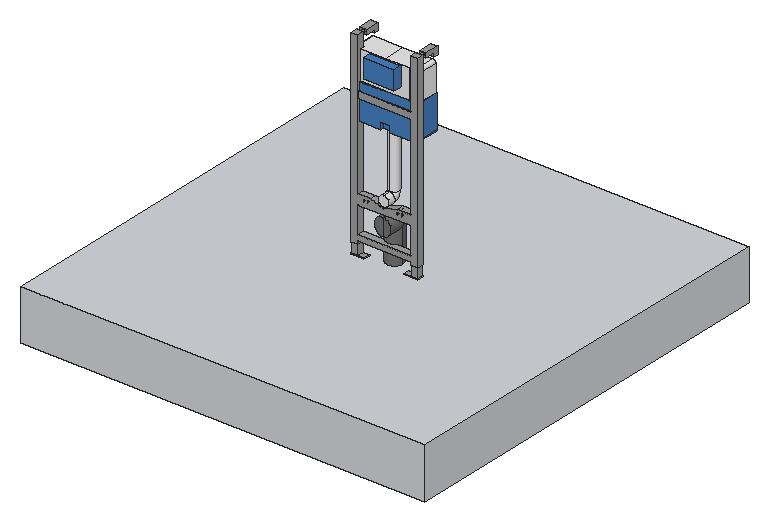
Revit family "IS_Prosys_R0279_BIM_NL", category Plumbing Fixtures, host Face, Revit 2019
Family settings
  Host = Face
  Round Connector Dimension = Use Diameter
  Part Type = Normal
  OmniClass Number = 23.45.05.21.11.11
  OmniClass Title = Water Operated Water Closets
  Cut with Voids When Loaded = No
  Shared = Yes
  Room Calculation Point = No
Parameters (values of type "R027967 - PROSYS 150 FRAME 400 WIDE MECHANICAL")
  Max_Component_Height [instance] = if([Max_Component_Height(0-200mm)] > 200 mm, 200 mm, if([Max_Component_Height(0-200mm)] < 0 mm, 0 mm, [Max_Component_Height(0-200mm)]))  # 65 mm
  WaterEfficientProduct = no
  WarrantyStartDate [instance] = "1900-12-31T23:59:59"
  WarrantyGuarantorParts = Manufacturer  # "https://www.idealstandard.nl/"
  WarrantyGuarantorLabor = "n/a"
  WarrantyDurationUnit = "year"
  WarrantyDurationParts = "5"
  WarrantyDurationLabor = "n/a"
  WarrantyDescription = "Manufacturers Warranty"
  WRAS = no
  WFU = 0
  VolumeUnits = "Litres"
  Version = "1"
  Uniclass2015Version = "V1.20"
  Uniclass2015Title = "WC cistern fittings"
  Uniclass2015Reference = "Pr_40_20_93_87"
  Uniclass2015Description = "WC cistern fittings"
  Uniclass2015Code = "Pr_40_20_93_87"
  Uniclass2 = "Pr_40_20_93_89"
  URL = "www.idealstandard.nl"
  Type Comments = "n/a"
  ToiletType = "Other"
  ToiletPanType = "WashDown"
  TagNumber [instance] = "n/a"
  SustainabilityPerformance = "n/a"
  SpilloverLevel = 0 mm
  Space = "Internal"
  Size = "1130 x 400 x 150 mm"
  Shape = "Regtangular"
  SerialNumber [instance] = "n/a"
  Revision = "n/a"
  ReplacementCost = "n/a"
  ProductInformation = "https://www.idealstandard.nl/producten/catalogus/inbouwspoelreservoirs/toilet-frames"
  Phone = "077 355 08 08"
  PanMounting = "n/a"
  PanMaterial = "n/a"
  PanColor = "n/a"
  NominalWidth = 400 mm
  NominalLength = 150 mm
  NominalHeight = 1130 mm
  NominalDepth = 0 mm
  NettWeight = "9.4Kg"
  Name = "WCCisternFittings_Prossys_R0279_IdealStandard"
  NBSTypeID = "n/a"
  NBSReference = "45-30-70/387"
  NBSOfficeMasterTag = "n/a"
  NBSNote = "n/a"
  NBSDescription = "WC cistern fittings"
  NBSCertification = "n/a"
  ModelReference = Description  # "PROSYS 150 FRAME 400 WIDE MECHANICAL"
  ModelNumber = Model  # "R027967"
  Model = "R027967"
  ManufacturerURL = "www.idealstandard.nl"
  Manufacturer = "https://www.idealstandard.nl/"
  LinearUnits = "millimeters"
  Legs_inside [instance] = yes
  Legs_Outside [instance] = no
  Legs_Backside [instance] = no
  Keynote = "n/a"
  InstallationInstructions = "https://www.idealstandard.nl/producten/catalogus/inbouwspoelreservoirs/toilet-frames"
  InstallationDate [instance] = "1900-12-31T23:59:59"
  IfcExportType = "CISTERN"
  IfcExportAs = "IfcSanitaryTerminalType"
  Help = "https://www.idealstandard.nl/over-ons/contact-service"
  Max_Component_Height(0-200mm) [instance] = 65 mm
  HWFU = 0
  GrossWeight = "n/a"
  Grade = "n/a"
  Flush_Distance(10-90mm) [instance] = 50 mm
  Finish = "Metal"
  Features = "150 FRAME 400 WIDE MECHANICAL"
  FRAME_Material [instance] = FRAME_metal_crome
  ExpectedLife = "30"
  ECA = no
  DurationUnit = "year"
  DistributedBy = "n/a"
  Description = "PROSYS 150 FRAME 400 WIDE MECHANICAL"
  Default Elevation = 0 mm
  CurrencyUnit = "n/a"
  CreatedOn = "2019-12-08"
  Cost = 0
  Constituents = "n/a"
  ConnectionType = "Plumbing"
  CodePerformance = "n/a"
  Category = "n/a"
  CWFU = 0
  Brand = "Ideal Standrad"
  BarCode = "3391500582675"
  BREEAMApproved = no
  BIMObjectName = "IS_IdealStandard_WCcisternfittings_Prosys_R0279"
  Author = "Ideal Standard"
  AssetType = "Fixed"
  AssetIdentifier [instance] = "n/a"
  Assembly Code = "C1030200"
  AreaUnits = "millimeters"
  AreaMeasurement = "n/a"
  Accessories = "https://www.idealstandard.nl/producten/collecties/prosys"
  AccessibilityPerformance = "n/a"
Reference planes
  plane 1 "Center (Front/Back)": y = 0
  plane 2: z = 0
  plane 3 "Center (Left/Right)": x = 0
  plane 4: y = 0
  plane 5: z = 0
  plane 6: z = 65
  plane 7: z = 218.591
  plane 8: z = 400
  plane 9: z = 151.013
  plane 10: z = 220.189
Forms (mm)
  Extrusion 1, solid
    sketch origin (0, 0, 0) x (1, 0, 0) y (0, 1, 0)
      loop
        line (-1219.2, 1219.2) -> (-1219.2, -1219.2) -> (1219.2, -1219.2) -> (1219.2, 1219.2) -> (-1219.2, 1219.2)
    from 0 to -304.8
  Extrusion 2, solid, material "FRAME_metal_crome" <- "FRAME_Material"
    sketch origin (-3.933, 85.042, 0) x (1, 0, 0) y (0, 0, 1)
      loop
        line (166.433, 3.591) -> (201.433, 3.591) -> (201.433, 65) -> (166.433, 65) -> (166.433, 3.591)
      loop
        line (-158.567, 3.591) -> (-158.567, 65) -> (-193.567, 65) -> (-193.567, 3.591) -> (-158.567, 3.591)
    from 47.66 to 82.782
  Extrusion 3, solid, material "FRAME_metal_crome" <- "FRAME_Material"
    sketch origin (-3.933, 81.292, 34) x (1, 0, 0) y (0, 0, 1)
      loop
        line (-196.067, 31) -> (-156.067, 31) -> (-156.067, 246) -> (163.933, 246) -> (163.933, 31) -> (203.933, 31) -> (203.933, 1161) -> (163.933, 1161) -> (163.933, 303.852) -> (85.512, 303.852) -> (3.933, 279.885) -> (-77.646, 303.852) -> (-156.067, 303.852) -> (-156.067, 1161) -> (-196.067, 1161) -> (-196.067, 31)
      loop
        circle (-91.184, 282.013) r 7.026
      loop
        circle (-115.404, 282.013) r 7.026
      loop
        circle (88.815, 282.325) r 7.026
      loop
        circle (114.654, 282.013) r 7.026
    from 41.292 to 81.292
  Extrusion 4, solid, material "FRAME_metal_crome" <- "FRAME_Material"
    sketch origin (-3.933, 85.042, 34) x (1, 0, 0) y (0, 0, 1)
      loop
        line (-156.067, 83.079) -> (-156.067, 49.622) -> (163.933, 49.622) -> (163.933, 83.079) -> (-156.067, 83.079)
    from 45.042 to 85.042
  Extrusion 5, solid, material "FRAME_metal_crome" <- "FRAME_Material"
    sketch origin (-3.933, 85.042, 214) x (1, 0, 0) y (0, 0, 1)
      loop
        line (-160.05, 680) -> (-160.05, 640) -> (163.933, 640) -> (163.933, 680) -> (-160.05, 680)
    from 82.542 to 85.042
  Extrusion 6, solid, material "FRAME_metal_crome" <- "FRAME_Material", visible <- "Legs_inside"
    sketch origin (-3.933, 85.042, 0) x (1, 0, 0) y (0, 0, 1)
      loop
        line (-200.05, 3.591) -> (-200.05, 0) -> (-116.95, 0) -> (-116.95, 3.591) -> (-200.05, 3.591)
      loop
        line (120.833, 3.591) -> (120.833, 0) -> (203.933, 0) -> (203.933, 3.591) -> (120.833, 3.591)
    from 45.042 to 85.042
  Extrusion 7, solid, material "FRAME_metal_crome" <- "FRAME_Material", visible <- "Legs_Outside"
    sketch origin (0, 0, 0) x (1, 0, 0) y (0, 1, 0)
      loop
        line (160, 40) -> (160, 0) -> (243, 0) -> (243, 40) -> (160, 40)
      loop
        line (-163.983, 0) -> (-163.983, 40) -> (-246.983, 40) -> (-246.983, 0) -> (-163.983, 0)
    from 0 to 3.591
  Extrusion 8, solid, material "FRAME_metal_crome" <- "FRAME_Material", visible <- "Legs_Backside"
    sketch origin (0, 0, 0) x (1, 0, 0) y (0, 1, 0)
      loop
        line (200, 0) -> (200, 83) -> (160, 83) -> (160, 0) -> (200, 0)
      loop
        line (-163.983, 0) -> (-163.983, 83) -> (-203.84, 83) -> (-203.84, 0) -> (-163.983, 0)
    from 0 to 3.591
  Extrusion 9, solid, material "FRAME_metal_crome" <- "FRAME_Material"
    sketch origin (200, -4572, 1180) x (0, 0, -1) y (0, -1, 0)
      loop
        line (30, -4722) -> (30, -4697) -> (11.851, -4697) -> (11.851, -4637) -> (-15, -4637) -> (-15, -4722) -> (30, -4722)
    from 0 to 40
  Extrusion 10, solid, material "FRAME_metal_crome" <- "FRAME_Material"
    sketch origin (-196.017, -4572, 1180) x (0, 0, -1) y (0, 1, 0)
      loop
        line (30, 4722) -> (-15, 4722) -> (-15, 4637) -> (11.851, 4637) -> (11.851, 4697) -> (30, 4697) -> (30, 4722)
    from -3.983 to 36.017
  Extrusion 11, solid, material "FRAME_metal_crome" <- "FRAME_Material"
    sketch origin (-5.984, 40, 29.635) x (-1, 0, 0) y (0, 0, 1)
      loop
        circle (-185.984, 1151.939) r 8
    from 0 to 25
  Extrusion 12, solid, material "FRAME_metal_crome" <- "FRAME_Material"
    sketch origin (-1.982, 40, 29.635) x (1, 0, 0) y (0, 0, -1)
      loop
        circle (-178.018, -1151.939) r 8
    from 0 to 25
  Revolve 13, solid, material "FRAME_pvc_black"
    sketch origin (0, 0, 0) x (0, 1, 0) y (0, 0, 1)
      loop
        line (-12, 220.189) -> (27.107, 220.189) -> (128.892, 220.189)
        arc (128.892, 220.189) -> (113.986, 256.176) -> (78, 271.082) r 50.893
        line (78, 271.082) -> (-12, 271.082) -> (-12, 220.189)
      axis (128.892, 220.189) -> (-12, 220.189)
    angle from 0 to 360
  Extrusion 14, solid, material "FRAME_pvc_black"
    sketch origin (-50.882, -4572, 220.189) x (-1, 0, 0) y (0, -1, 0)
      loop
        circle (-50.882, -4649.958) r 51
    from 0 to -220.189
Cuts and joins
  joined: Extrusion 3, Extrusion 4, Extrusion 5
Dimensions and locks
  Extrusion 7 to Extrusion 8 sketch curve = 83 mm  (x2)
  "Max_Component_Height": plane 6 to Extrusion 1
  locked: nested 1 to plane 6 at 979.695
  plane 7 to Extrusion 7 = 215 mm
  locked: plane 10 to plane 6 at 155.189
  aligned and locked: plane 2 to Extrusion 1
  aligned and locked: level to Extrusion 1
  aligned and locked: Extrusion 3 to nested 1
  aligned and locked: plane 3 "Center (Left/Right)" to nested 1
  aligned and locked: Extrusion 2 to plane 6
  aligned and locked: plane 6 to cut or joined group of Extrusion 3, Extrusion 4, Extrusion 5
  aligned and locked: Extrusion 14 to Extrusion 1
  aligned and locked: plane 10 to Extrusion 14
Automatic sketch dimensions
  Extrusion 1 sketch curve to Extrusion 1 sketch curve = 2438.4 mm  (x2)
  Extrusion 6 sketch curve to level = 0 mm  (x2)
  level to Extrusion 6 sketch curve = 3.591 mm  (x2)
  Extrusion 6 sketch curve to plane 3 "Center (Left/Right)" = 120.883 mm
  Extrusion 6 sketch curve to Extrusion 6 sketch curve = 83.1 mm  (x2)
  plane 1 "Center (Front/Back)" to Extrusion 7 sketch curve = 0 mm  (x2)
  Extrusion 7 sketch curve to plane 3 "Center (Left/Right)" = 246.983 mm
  Extrusion 7 sketch curve to plane 1 "Center (Front/Back)" = 40 mm  (x2)
  Extrusion 7 sketch curve to Extrusion 7 sketch curve = 83 mm  (x2)
  plane 1 "Center (Front/Back)" to Extrusion 8 sketch curve = 0 mm  (x2)
  Extrusion 8 sketch curve to plane 3 "Center (Left/Right)" = 163.983 mm
  Extrusion 8 sketch curve to Extrusion 8 sketch curve = 39.857 mm
  Extrusion 3 sketch curve to Extrusion 3 sketch curve = 40 mm  (x4)
  Extrusion 3 sketch curve to Extrusion 3 sketch curve = 320 mm
  Extrusion 3 sketch curve to Extrusion 3 sketch curve = 0 mm  (x3)
  Extrusion 3 sketch curve to Extrusion 3 sketch curve = 1130 mm
  Extrusion 4 sketch curve to Extrusion 4 sketch curve = 320 mm
  Extrusion 4 sketch curve to Extrusion 4 sketch curve = 33.457 mm
  Extrusion 5 sketch curve to Extrusion 5 sketch curve = 323.983 mm
  Extrusion 5 sketch curve to Extrusion 5 sketch curve = 40 mm
  Extrusion 9 sketch curve to Extrusion 9 sketch curve = 26.851 mm
  Extrusion 9 sketch curve to Extrusion 9 sketch curve = 18.149 mm
  Extrusion 9 sketch curve to Extrusion 9 sketch curve = 25 mm
  Extrusion 9 sketch curve to Extrusion 9 sketch curve = 60 mm
  Extrusion 10 sketch curve to Extrusion 10 sketch curve = 26.851 mm
  Extrusion 10 sketch curve to Extrusion 10 sketch curve = 18.149 mm
  Extrusion 10 sketch curve to Extrusion 10 sketch curve = 60 mm
  Extrusion 10 sketch curve to Extrusion 10 sketch curve = 25 mm
  Extrusion 11 sketch curve to Extrusion 3 = 20 mm
  Extrusion 11 sketch curve to Extrusion 3 = 13.426 mm
  Extrusion 12 sketch curve to Extrusion 3 = 20 mm
  Extrusion 12 sketch curve to Extrusion 3 = 13.426 mm
  Extrusion 5 sketch curve to plane 3 "Center (Left/Right)" = 163.983 mm
  Extrusion 5 sketch curve to plane 6 = 789 mm
  Extrusion 3 sketch curve to plane 6 = 0 mm
  Extrusion 4 sketch curve to plane 6 = 52.079 mm
  Extrusion 4 sketch curve to plane 3 "Center (Left/Right)" = 160 mm
  Extrusion 9 sketch curve to plane 1 "Center (Front/Back)" = 150 mm
  Extrusion 9 sketch curve to plane 6 = 1130 mm
  Extrusion 10 sketch curve to plane 1 "Center (Front/Back)" = 150 mm
  Extrusion 10 sketch curve to plane 6 = 1130 mm
  Extrusion 3 sketch curve to plane 3 "Center (Left/Right)" = 200 mm
  plane 3 "Center (Left/Right)" to Extrusion 6 sketch curve = 116.9 mm
  plane 3 "Center (Left/Right)" to Extrusion 7 sketch curve = 160 mm
  plane 3 "Center (Left/Right)" to Extrusion 8 sketch curve = 160 mm
  Extrusion 8 sketch curve to Extrusion 8 sketch curve = 40 mm
  Extrusion 3 sketch curve to Extrusion 3 sketch curve = 215 mm
  Extrusion 3 sketch curve to Extrusion 3 sketch curve = 78.421 mm
  Extrusion 3 sketch curve to Extrusion 3 sketch curve = 57.852 mm
  Extrusion 3 sketch curve to plane 3 "Center (Left/Right)" = 0 mm
  Extrusion 3 sketch curve to Extrusion 3 sketch curve = 23.967 mm  (x2)
  plane 3 "Center (Left/Right)" to Extrusion 3 sketch curve = 81.579 mm
  Extrusion 3 sketch curve to Extrusion 3 sketch curve = 13.538 mm
  Extrusion 3 sketch curve to Extrusion 3 sketch curve = 21.84 mm
  Extrusion 3 sketch curve to Extrusion 3 sketch curve = 7.026 mm  (x4)
  Extrusion 3 sketch curve to Extrusion 3 sketch curve = 17.193 mm
  Extrusion 3 sketch curve to Extrusion 3 sketch curve = 3.303 mm
  Extrusion 3 sketch curve to Extrusion 3 sketch curve = 21.527 mm
  Extrusion 3 sketch curve to Extrusion 3 sketch curve = 18.813 mm
  Extrusion 3 sketch curve to Extrusion 3 sketch curve = 0.313 mm
  Extrusion 2 sketch curve to plane 6 = 0 mm  (x2)
  level to Extrusion 2 sketch curve = 3.591 mm  (x2)
  Extrusion 2 sketch curve to plane 3 "Center (Left/Right)" = 197.5 mm
  Extrusion 2 sketch curve to Extrusion 2 sketch curve = 35 mm  (x2)
  plane 3 "Center (Left/Right)" to Extrusion 2 sketch curve = 162.5 mm
  Revolve 13 sketch curve to plane 10 = 0 mm  (x2)
  plane 1 "Center (Front/Back)" to Revolve 13 sketch curve = 12 mm
  Revolve 13 sketch curve to plane 1 "Center (Front/Back)" = 27.107 mm
  Revolve 13 sketch curve to Revolve 13 sketch curve = 50.893 mm  (x2)
  Revolve 13 sketch curve to Revolve 13 sketch curve = 0 mm  (x2)
  Extrusion 14 sketch curve to plane 3 "Center (Left/Right)" = 0 mm
  Extrusion 14 sketch curve to plane 1 "Center (Front/Back)" = 77.958 mm
  radius of Extrusion 11 sketch curve = 8 mm
  radius of Extrusion 12 sketch curve = 8 mm
  radius of Extrusion 14 sketch curve = 51 mm
Nested families
  nested 1: "CISTERN_PROSYS _EXPERT PLUS" at (0, 15.976, -108.596), Flush_distance(10-90mm) <- "Flush_Distance(10-90mm)", type "CISTERN_PROSYS _EXPERT PLUS"
    with Flush_distance(10-90mm) 50 mm, Flush_distance (10-90mm) 50 mm, CISTERN Widh 1150 mm, CISTERN Lenght 440 mm, CISTERN Height 405 mm
Definition of nested family "CISTERN_PROSYS _EXPERT PLUS"
  Parameters (values of type "CISTERN_PROSYS _EXPERT PLUS")
    TANK = none
    Plate = none
    Flush_distance (10-90mm) [instance] = if([Flush_distance(10-90mm)] < 10 mm, 10 mm, (if([Flush_distance(10-90mm)] > 90 mm, 90 mm, [Flush_distance(10-90mm)])))  # 90 mm
    Flush_distance(10-90mm) [instance] = 90 mm
    CISTERN Widh [instance] = 1150 mm  # constant formula
    CISTERN Lenght [instance] = 440 mm  # constant formula
    CISTERN Height [instance] = 405 mm  # constant formula
  Reference planes
    plane 1 "Center (Front/Back)": y = 0
    plane 2: z = 0
    plane 3 "Center (Left/Right)": x = 0
    plane 4: x = -220
    plane 5: x = 220
    plane 6: z = 1221.366
    plane 7: z = 725.055
    plane 8: z = 749.159
    plane 9: z = 1153.291
    plane 10: x = -144.148
    plane 11: x = 143.635
    plane 12: y = 28.323
    plane 13: y = 154.323
    plane 14: x = -92.5
    plane 15: x = 92.5
    plane 16: z = 1210.327
    plane 17: z = 1090.327
    plane 18: y = 5.339
    plane 19: y = 150.887
    plane 20: y = 76.588
    plane 21: y = -19.049
    plane 22: y = 41.905
    plane 23: y = 38.405
    plane 24: z = 1228.46
    plane 25: y = -5.476
    plane 26: y = -5.476
    plane 27: y = -95.476
    plane 28: z = 1228.46
    plane 29: z = 835.655
    plane 30: z = 463.655
  Forms (mm)
    Extrusion 1, solid, material <- "Plate"
      sketch origin (0, 0, 0) x (1, 0, 0) y (0, 0, 1)
        loop
          line (-199.857, 1052.823) -> (-198.208, 853.95)
          arc (-198.208, 853.95) -> (-194.529, 843.642) -> (-185.251, 837.835) r 16.672
          line (-185.251, 837.835) -> (0, 835.655) -> (176.465, 837.732)
          arc (176.465, 837.732) -> (191.333, 840.251) -> (198.205, 853.674) r 16.818
          line (198.205, 853.674) -> (199.857, 1052.823) -> (-199.857, 1052.823)
      from -128.774 to 8.726
    Extrusion 2, solid, material <- "Plate"
      sketch origin (0, 0, 0) x (1, 0, 0) y (0, 0, 1)
        loop
          line (-91.719, 1222.366) -> (-91.719, 1105.415) -> (91.719, 1105.415) -> (91.719, 1222.366) -> (-91.719, 1222.366)
      from 95.476 to 0
    Sweep 3, solid, material <- "TANK"
      path origin (-1.25, 8.125, 260) x (0, 1, 0) y (0, 0, 1)
        loop
          line (-26.851, 203.655) -> (14.126, 203.655)
          arc (14.126, 203.655) -> (38.584, 213.786) -> (48.715, 238.244) r 34.589
          line (48.715, 238.244) -> (48.715, 575.655)
      profile origin (-1.25, 56.84, 666.95) x (0, -1, 0) y (1, 0, 0)
        loop
          circle (0, 1.25) r 30.5
    Extrusion 4, solid, material <- "TANK"
      sketch origin (0, 0, 0) x (1, 0, 0) y (0, 0, 1)
        loop
          line (195.514, 1052.823) -> (195.514, 1210.068)
          arc (195.514, 1210.068) -> (190.127, 1223.073) -> (177.122, 1228.46) r 18.392
          line (177.122, 1228.46) -> (0.004, 1228.46) -> (-177.122, 1228.46)
          arc (-177.122, 1228.46) -> (-190.127, 1223.073) -> (-195.514, 1210.068) r 18.392
          line (-195.514, 1210.068) -> (-195.514, 1052.823) -> (-0.514, 1052.823) -> (195.514, 1052.823)
      from -125.524 to 5.476
    Extrusion 5, void
      sketch origin (0, 0, 0) x (1, 0, 0) y (0, 1, 0)
        loop
          line (-148.316, 24.024) -> (-200, 24.024) -> (-200, -5.476) -> (-148.316, -5.476) -> (-148.316, 24.024)
        loop
          line (148.316, 24.024) -> (148.316, -5.476) -> (200, -5.476) -> (200, 24.024) -> (148.316, 24.024)
      from 1052.823 to 1228.46
    Extrusion 6, void
      sketch origin (0, 0, 0) x (1, 0, 0) y (0, 1, 0)
        loop
          line (-150.569, 21.274) -> (-220, 21.274) -> (-220, -13.726) -> (-150.569, -13.726) -> (-150.569, 21.274)
        loop
          line (152.959, 24.024) -> (152.959, -13.726) -> (220, -13.726) -> (220, 24.024) -> (152.959, 24.024)
      from 749.159 to 1052.823
    Extrusion 7, void
      sketch origin (0, 0, 0) x (1, 0, 0) y (0, 0, 1)
        loop
          line (-29, 875.597) -> (-29, 835.655) -> (29, 835.655) -> (29, 875.597) -> (-29, 875.597)
      from -11.274 to 46.598
    Extrusion 8, void
      sketch origin (0, 0, 0) x (1, 0, 0) y (0, 0, 1)
        loop
          line (120.926, 1052.823) -> (125.185, 1052.823) -> (125.185, 1087.822) -> (80.668, 1087.822) -> (80.668, 1052.823) -> (84.926, 1052.823) -> (84.926, 836.655) -> (120.926, 836.655) -> (120.926, 1052.823)
        loop
          line (-84.418, 1052.823) -> (-80.159, 1052.823) -> (-80.159, 1087.822) -> (-124.676, 1087.822) -> (-124.676, 1052.823) -> (-120.418, 1052.823) -> (-120.418, 836.655) -> (-84.418, 836.655) -> (-84.418, 1052.823)
      from -136.09 to -115.524
  Cuts and joins
    Extrusion 5, Extrusion 8 cuts Extrusion 4
    Extrusion 6, Extrusion 7 cuts Extrusion 1
  Lines and regions (mm)
    model lines
      curve 1: line (-91.719, -95.476, 1222.366) -> (91.719, -95.476, 1105.415)
      curve 2: line (-91.719, -95.476, 1105.415) -> (91.719, -95.476, 1222.366)
      curve 3: line (-91.719, 1.524, 1228.46) -> (91.719, 119.975, 1228.46)
      curve 4: line (-91.719, 119.975, 1228.46) -> (91.719, 1.524, 1228.46)
  Dimensions and locks
    equal spacing: plane 4, plane 3 "Center (Left/Right)", plane 5
    "CISTERN Lenght": plane 4 to plane 5
    locked: plane 8 to plane 7 at 24.103
    locked: plane 9 to plane 8 at 404.132
    locked: plane 6 to plane 9 at 68.075
    locked: plane 4 to plane 10 at 75.852
    locked: plane 11 to plane 5 at 76.365
    locked: plane 14 to plane 15 at 185
    equal spacing: plane 14, plane 3 "Center (Left/Right)", plane 15
    locked: plane 16 to plane 17 at 120
    locked: plane 6 to plane 16 at 11.039
    locked: plane 19 to plane 20 at 74.299
    locked: plane 13 to plane 19 at 3.436
    locked: plane 22 to plane 23 at 3.5
    locked: plane 23 to plane 12 at 10.082
    "Flush_distance (10-90mm)": plane 26 to plane 27
    locked: cut or joined group of Extrusion 4, Extrusion 5, Extrusion 8 to cut or joined group of Extrusion 4, Extrusion 5, Extrusion 8 at 131
    locked: plane 28 to plane 8 at 479.301
    plane 24 to plane 28 = 0 mm
    locked: plane 17 to plane 29 at 254.672
    plane 29 to plane 30 = 372 mm
    cut or joined group of Extrusion 4, Extrusion 5, Extrusion 8 to plane 3 "Center (Left/Right)" = 195.514 mm
    aligned and locked: level to plane 2
    aligned and locked: cut or joined group of Extrusion 4, Extrusion 5, Extrusion 8 to plane 26
    aligned and locked: Extrusion 2 to plane 27
    aligned and locked: plane 30 to Sweep 3 sketch curve
    aligned and locked: plane 29 to Sweep 3 sketch curve
    aligned and locked: Extrusion 2 to curve 1  (x2)
    aligned and locked: curve 2 to Extrusion 2  (x2)
  Automatic sketch dimensions
    Extrusion 2 sketch curve to plane 14 = 0.781 mm
    plane 15 to Extrusion 2 sketch curve = 0.781 mm
    plane 17 to Extrusion 2 sketch curve = 15.088 mm
    plane 6 to Extrusion 2 sketch curve = 1 mm
    Sweep 3 sketch curve to profile plane = 0 mm
    profile plane to Sweep 3 sketch curve = 1.25 mm
    Extrusion 6 sketch curve to plane 12 = 7.049 mm
    Extrusion 6 sketch curve to plane 4 = 0 mm
    plane 10 to Extrusion 6 sketch curve = 6.422 mm
    Extrusion 6 sketch curve to plane 12 = 4.299 mm
    Extrusion 6 sketch curve to plane 11 = 9.325 mm
    plane 5 to Extrusion 6 sketch curve = 0 mm
    Extrusion 7 sketch curve to plane 3 "Center (Left/Right)" = 29 mm
    plane 3 "Center (Left/Right)" to Extrusion 7 sketch curve = 29 mm
    Extrusion 7 sketch curve to plane 8 = 86.496 mm
    Extrusion 7 sketch curve to Extrusion 7 sketch curve = 39.942 mm
    Extrusion 1 sketch curve to plane 3 "Center (Left/Right)" = 0 mm
    plane 10 to Extrusion 1 sketch curve = 37.388 mm
    Extrusion 1 sketch curve to plane 4 = 20.143 mm
    Extrusion 1 sketch curve to plane 11 = 32.831 mm
    Extrusion 1 sketch curve to Extrusion 1 sketch curve = 4.922 mm
    Extrusion 1 sketch curve to Extrusion 1 sketch curve = 16.817 mm
    plane 5 to Extrusion 1 sketch curve = 20.143 mm
    Extrusion 1 sketch curve to plane 8 = 86.496 mm
    Extrusion 1 sketch curve to plane 8 = 88.573 mm
    Extrusion 1 sketch curve to Extrusion 1 sketch curve = 15.942 mm
    Extrusion 1 sketch curve to plane 8 = 104.93 mm
    Extrusion 1 sketch curve to plane 17 = 37.505 mm
    Extrusion 1 sketch curve to Extrusion 1 sketch curve = 3.715 mm
    Extrusion 1 sketch curve to Extrusion 1 sketch curve = 16.671 mm
    Extrusion 1 sketch curve to Extrusion 1 sketch curve = 16.253 mm
    Extrusion 8 sketch curve to plane 17 = 2.505 mm  (x2)
    Extrusion 8 sketch curve to plane 10 = 19.471 mm
    Extrusion 8 sketch curve to Extrusion 8 sketch curve = 4.258 mm  (x3)
    Extrusion 8 sketch curve to plane 14 = 8.082 mm
    Extrusion 8 sketch curve to plane 14 = 12.341 mm
    plane 15 to Extrusion 8 sketch curve = 11.832 mm
    plane 11 to Extrusion 8 sketch curve = 22.708 mm
    Extrusion 8 sketch curve to Extrusion 8 sketch curve = 35 mm  (x2)
    Extrusion 8 sketch curve to plane 17 = 37.505 mm  (x2)
    Extrusion 8 sketch curve to plane 8 = 87.496 mm  (x2)
    Extrusion 6 sketch curve to plane 21 = 5.323 mm  (x2)
    Sweep 3 sketch curve to plane 12 = 6.072 mm
    plane 22 to Sweep 3 sketch curve = 14.935 mm
    Sweep 3 sketch curve to plane 21 = 0.323 mm
    Extrusion 2 to curve 2 = 0 mm
    curve 1 to Extrusion 2 = 0 mm  (x2)
    curve 2 to Extrusion 2 = 0 mm
    curve 4 to plane 14 = 0.781 mm
    curve 4 to plane 1 "Center (Front/Back)" = 1.524 mm
    curve 3 to plane 14 = 0.781 mm
    plane 15 to curve 4 = 0.781 mm
    plane 15 to curve 3 = 0.781 mm
    curve 3 to plane 1 "Center (Front/Back)" = 1.524 mm
    curve 4 to plane 19 = 30.912 mm
    curve 3 to plane 19 = 30.912 mm
    Extrusion 4 sketch curve to plane 24 = 0 mm
    Extrusion 4 sketch curve to plane 4 = 24.486 mm
    Extrusion 4 sketch curve to plane 16 = 0.259 mm  (x2)
    Extrusion 4 sketch curve to plane 3 "Center (Left/Right)" = 0.514 mm
    plane 3 "Center (Left/Right)" to Extrusion 4 sketch curve = 0.004 mm
    Extrusion 4 sketch curve to plane 11 = 33.488 mm
    Extrusion 4 sketch curve to plane 17 = 37.505 mm
    plane 25 to Extrusion 5 sketch curve = 0 mm  (x2)
    Extrusion 5 sketch curve to plane 12 = 4.299 mm  (x2)
    Extrusion 5 sketch curve to plane 4 = 20 mm
    plane 10 to Extrusion 5 sketch curve = 4.168 mm
    Extrusion 5 sketch curve to plane 11 = 4.681 mm
    plane 5 to Extrusion 5 sketch curve = 20 mm
    radius of Sweep 3 sketch curve = 30.5 mm
